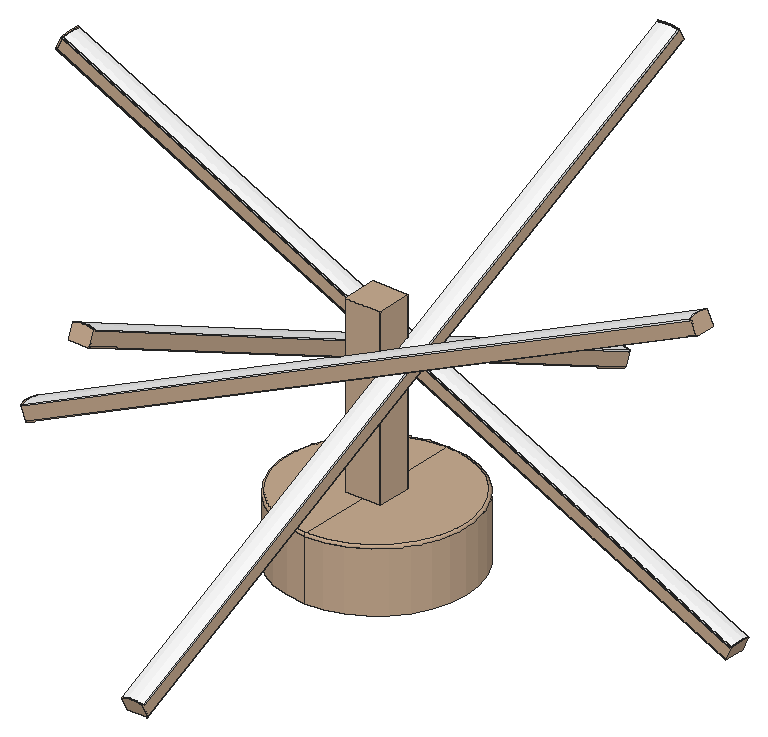
Revit family "AFX-Jaxx-Wall_Sconce+++", category Lighting Fixtures, host Face, Revit 2020
Family settings
  Host = Face
  Round Connector Dimension = Use Diameter
  Part Type = Normal
  Cut with Voids When Loaded = No
  Light Source = No
  Shared = No
  Room Calculation Point = No
Parameters (values of type "JAXF2020L30D1SB")
  Width = 5 31/256"
  Wattage Comments = "25W"  # constant formula
  Voltage = 120 V
  URL = "https://www.afxinc.com/"
  Type Comments = "JAXX"  # constant formula
  Type = Jaxx_beam : JAXF2020L30D1SB
  Screen Finish = AFX - Diffuser
  Revit Model Built By = "https://servex-us.com/servex-revit/"
  Product Documentation Link = "https://www.afxinc.com/products/productDetail.cfm?productID=1146"
  Model = "JAXF2020L30D1SB"
  Manufacturer = "AFX Inc"  # constant formula
  Length = 18"
  Lamp = "LED"
  Description = "15'' LED Semi-Flush, Satin Brass"
  Depth = 9 1/4"
  Default Elevation = 48"
  Color Rendering Index = 90
  Body Finish = AFX - Satin Brass
  Bar Dist = 13/16"
  Assembly Code = "D5020200"
  Apparent Load = 0 VA
Types (4): name | Type | Model | Description | Body Finish
  (no name) | Jaxx_beam : JAXF2020L30D1SB | "JAXF2020L30D1SB" | "15'' LED Semi-Flush, Satin Brass" | AFX - Satin Brass
  JAXF2020L30D1SB | Jaxx_beam : JAXF2020L30D1SB | "JAXF2020L30D1SB" | "15'' LED Semi-Flush, Satin Brass" | AFX - Satin Brass
  JAXF2020L30D1BK | Jaxx_beam : JAXF2020L30D1BK | "JAXF2020L30D1BK" | "15'' LED Semi-Flush, Black" | AFX - Powdercoat Black
  JAXF2020L30D1PC | Jaxx_beam : JAXF2020L30D1PC | "JAXF2020L30D1PC" | "15'' LED Semi-Flush, Polished Chrome" | AFX - Polished Chrome
Reference planes (in)
  plane 1 "Center (Front/Back)": y = 0
  plane 2: z = 0
  plane 3 "Center (Left/Right)": x = 0
  plane 4: y = 9.00394
  plane 5: y = -8.99606
  plane 6: x = -2.56055
  plane 7: x = 2.56055
  plane 8: z = 6.69291
  plane 9: z = 1.77165
Forms (in)
  Extrusion 1, solid, material "AFX - Satin Brass" <- "Body Finish"
    sketch origin (0, 2.24936, 1.77165) x (0, 1, 0) y (-1, 0, 0)
      loop
        arc (-2.72967, 0.5) -> (-2.74359, 0.49423) -> (-2.74936, 0.48031) r 0.01969
        line (-2.74936, 0.48031) -> (-2.74936, -0.48031)
        arc (-2.74936, -0.48031) -> (-2.74359, -0.49423) -> (-2.72967, -0.5) r 0.01969
        line (-2.72967, -0.5) -> (-1.76904, -0.5)
        arc (-1.76904, -0.5) -> (-1.75512, -0.49423) -> (-1.74936, -0.48031) r 0.01969
        line (-1.74936, -0.48031) -> (-1.74936, 0.48031)
        arc (-1.74936, 0.48031) -> (-1.75512, 0.49423) -> (-1.76904, 0.5) r 0.01969
        line (-1.76904, 0.5) -> (-2.72967, 0.5)
    from 0 to 4.92126
  Revolve 2, solid, material "AFX - Satin Brass" <- "Body Finish"
    sketch origin (0, 0, 0) x (0, 1, 0) y (0, 0, 1)
      loop
        line (0, 1.77165) -> (0, 0) -> (2.5625, 0) -> (2.5625, 1.70915)
        arc (2.5625, 1.70915) -> (2.54419, 1.75335) -> (2.5, 1.77165) r 0.0625
        line (2.5, 1.77165) -> (0, 1.77165)
      axis (0, 0) -> (0, 1.77165)
    angle from 0 to 360
Lines and regions (in)
  reference lines
    curve 1: line (-9.1298, 0, 0.75206) -> (10.10248, 0, 9.72022)
    curve 2: line (-9.6163, 0, 9.44202) -> (9.61598, 0, 0.47386)
    curve 3: line (0, 9.59841, 9.25728) -> (0, -9.63387, 0.28912)
    curve 4: line (0, -9.64243, 9.31116) -> (0, 9.58985, 0.343)
Dimensions and locks (in)
  plane 5 to plane 1 "Center (Front/Back)" to plane 4 = 8.99606", 9.00394"
  "Width": plane 6 to plane 7
  equal spacing: plane 6, plane 3 "Center (Left/Right)", plane 7
  "Length": plane 4 to plane 5
  locked: Revolve 2 sketch curve to plane 2 at 1.77165
  locked: Revolve 2 sketch curve to plane 1 "Center (Front/Back)" at 2.5625
  "Bar Dist": plane 1 "Center (Front/Back)" to nested 1
  "Bar Dist": nested 3 to plane 3 "Center (Left/Right)"
  "Bar Dist": plane 3 "Center (Left/Right)" to nested 2
  locked: plane 3 "Center (Left/Right)" to curve 2 at 9.6163
  locked: curve 1 to plane 3 "Center (Left/Right)" at 10.10248
  locked: curve 3 to plane 2 at 9.25728
  locked: curve 4 to plane 2 at 9.31116
  locked: curve 3 to plane 1 "Center (Front/Back)" at 9.59841
  locked: plane 1 "Center (Front/Back)" to curve 4 at 9.64243
  "Bar Dist": nested 4 to curve 2
  locked: curve 2 to plane 2 at 9.44202
  locked: curve 1 to plane 2 at 9.72022
  locked: curve 1 to plane 3 "Center (Left/Right)" (angle 65.00°)
  locked: plane 3 "Center (Left/Right)" to curve 2 (angle 65.00°)
  locked: curve 4 to plane 1 "Center (Front/Back)" (angle 65.00°)
  locked: plane 1 "Center (Front/Back)" to curve 3 (angle 65.00°)
  aligned and locked: plane 2 to host face
  aligned and locked: level to host face
  aligned and locked: Extrusion 1 to plane 9
  aligned and locked: plane 8 to Extrusion 1
  aligned and locked: Revolve 2 sketch curve to plane 1 "Center (Front/Back)"
  aligned and locked: plane 1 "Center (Front/Back)" to Revolve 2 sketch curve
  aligned and locked: curve 2 to nested 1
  aligned and locked: nested 4 to curve 1
Automatic sketch dimensions
  host sketch curve to host sketch curve = 16.60778"
  host sketch curve to host sketch curve = 21.7251"
  plane 1 "Center (Front/Back)" to Extrusion 1 sketch curve = 1/2"
  Extrusion 1 sketch curve to Extrusion 1 sketch curve = 0.01969"  (x3)
  Extrusion 1 sketch curve to plane 1 "Center (Front/Back)" = 0.48031"  (x2)
  plane 3 "Center (Left/Right)" to Extrusion 1 sketch curve = 1/2"
  Extrusion 1 sketch curve to plane 3 "Center (Left/Right)" = 0.48031"
  Revolve 2 sketch curve to level = 0"
  Revolve 2 sketch curve to plane 9 = 0"
  Revolve 2 sketch curve to Revolve 2 sketch curve = 1/16"
  plane 9 to Revolve 2 sketch curve = 3/4"
Nested families (in)
  nested 1: "Jaxx_beam" at (0.07873, 0.8125, 5.19699) x (-0.9063, 0, 0.4226) z (-0.4226, 0, -0.9063), type "JAXF2020L30D1BK"
  nested 2: "Jaxx_beam" at (0.8125, -0.09662, 5.19975) x (0, 0.9063, 0.4226) z (0, 0.4226, -0.9063), type "JAXF2020L30D1BK"
  nested 3: "Jaxx_beam" at (-0.8125, 0.05261, 5.19113) x (0, -0.9063, 0.4226) z (0, -0.4226, -0.9063), type "JAXF2020L30D1BK"
  nested 4: "Jaxx_beam" at (0.35392, -0.8125, 5.45023) x (-0.9063, 0, -0.4226) z (0.4226, 0, -0.9063), type "JAXF2020L30D1BK"
Connectors (in)
  electrical at (0, 0, 0), driven by "Voltage", driven by "Apparent Load"
    settings: on Revolve 2, index 1, voltage 120 V, apparent load 0 VA, apparent load phase1 0 VA, apparent load phase2 0 VA, apparent load phase3 0 VA, power factor 1, load classification "Lighting", number of poles 1, system type 31, power factor state 1, is connector primary yes, connector utility no, sub classification motor no, connector description ""
Definition of nested family "Jaxx_beam"
  Parameters (values of type "JAXF2020L30D1SB")
    Wattage = 9.2903 W
    built-in parameter 1150110 = 1 (stored number, unit not read)
    built-in parameter 1114217 = 1 (stored number, unit not read)
    Tilt Angle = 90.00°
    built-in parameter 1150109 = 1 (stored number, unit not read)
    built-in parameter 1150134 = 3
    built-in parameter 1150113 = 1 (stored number, unit not read)
    Revit Model Built By = "https://servex-us.com/servex-revit/"
    Photometric Web File = "JAXF2020L30D1SB.IES"
    built-in parameter 1150105 = 109.82 (stored number, unit not read)
    Lumens = 1380 lm
    built-in parameter 1150115 = 1 (stored number, unit not read)
    built-in parameter 1150137 = (empty or 0)
    built-in parameter 1150139 = (empty or 0)
    built-in parameter 1150112 = 1 (stored number, unit not read)
    built-in parameter 1150114 = 1 (stored number, unit not read)
    built-in parameter 1150132 = (empty or 0)
    built-in parameter 1150102 = (empty or 0)
    built-in parameter 1150107 = 3200 (stored number, unit not read)
    built-in parameter 1150138 = (empty or 0)
    built-in parameter 1150106 = 1.0982 (stored number, unit not read)
    Emit from Line Length = 24"
    built-in parameter 1150104 = 13.8 (stored number, unit not read)
    Dimming Lamp Color Temperature Shift = (empty or 0)
    Screen Finish = none
    Default Elevation = 48"
    Color Filter = 16777215
    Body Finish = none
    Bar Lenght = 21"
    built-in parameter 1114218 = 1 (stored number, unit not read)
    built-in parameter 1150133 = 10 (stored number, unit not read)
  Types (3): name | Photometric Web File | Bar Lenght
    JAXF2020L30D1BK | "JAXF2020L30D1BK.IES" | 20.94456"
    JAXF2020L30D1PC | "JAXF2020L30D1PC.IES" | 20.94456"
    JAXF2020L30D1SB | "JAXF2020L30D1SB.IES" | 21"
  Reference planes (in)
    plane 1 "Center (Front/Back)": y = 0
    plane 2: z = 0.25
    plane 3 "Center (Left/Right)": x = 0
    plane 4: z = -0.21555
    plane 5: z = -0.02965
    plane 6: x = -10.5
    plane 7: x = 10.5
    plane 8: x = -10.46875
    plane 9: x = 10.46875
  Forms (in)
    Extrusion 1, solid, material <- "Body Finish"
      sketch origin (0, 0, 0.25) x (0, 1, 0) y (0, 0, 1)
        loop
          line (0.29528, -0.39384) -> (0.29528, -0.03125)
          arc (0.29528, -0.03125) -> (0.28612, -0.00915) -> (0.26403, 0) r 0.03125
          line (0.26403, 0) -> (-0.26403, 0)
          arc (-0.26403, 0) -> (-0.28612, -0.00915) -> (-0.29528, -0.03125) r 0.03125
          line (-0.29528, -0.03125) -> (-0.29528, -0.39384) -> (-0.26403, -0.39384) -> (-0.26403, -0.03125) -> (0.26403, -0.03125) -> (0.26403, -0.39384) -> (0.29528, -0.39384)
      from -10.46875 to 10.46875
    Extrusion 2, solid, material <- "Screen Finish"
      sketch origin (0, 0, 0.125) x (0, 1, 0) y (0, 0, 1)
        loop
          arc (0.29528, -0.26884) -> (0, -0.31478) -> (-0.29528, -0.26884) r 0.97203
          line (-0.29528, -0.26884) -> (-0.29528, -0.30009)
          arc (-0.29528, -0.30009) -> (0, -0.34574) -> (0.29528, -0.30009) r 0.97796
          line (0.29528, -0.30009) -> (0.29528, -0.26884)
      from -10.46875 to 10.46875
    Extrusion 3, solid, material <- "Body Finish"
      sketch origin (0, 0, 0.25) x (0, 1, 0) y (0, 0, 1)
        loop
          arc (0.29528, -0.03125) -> (0.28612, -0.00915) -> (0.26403, 0) r 0.03125
          line (0.26403, 0) -> (-0.26403, 0)
          arc (-0.26403, 0) -> (-0.28612, -0.00915) -> (-0.29528, -0.03125) r 0.03125
          line (-0.29528, -0.03125) -> (-0.29528, -0.42509)
          arc (-0.29528, -0.42509) -> (0, -0.46555) -> (0.29528, -0.42509) r 1.09777
          line (0.29528, -0.42509) -> (0.29528, -0.03125)
      from -10.46875 to -10.5
    Extrusion 4, solid, material <- "Body Finish"
      sketch origin (0, 0, 0.25) x (0, 1, 0) y (0, 0, -1)
        loop
          line (0.29528, 0.03125) -> (0.29528, 0.42509)
          arc (0.29528, 0.42509) -> (0, 0.46555) -> (-0.29528, 0.42509) r 1.09777
          line (-0.29528, 0.42509) -> (-0.29528, 0.03125)
          arc (-0.29528, 0.03125) -> (-0.28612, 0.00915) -> (-0.26403, 0) r 0.03125
          line (-0.26403, 0) -> (0.26403, 0)
          arc (0.26403, 0) -> (0.28612, 0.00915) -> (0.29528, 0.03125) r 0.03125
      from -10.46875 to -10.5
  Cuts and joins
    joined: Extrusion 1, Extrusion 3, Extrusion 4
  Dimensions and locks (in)
    equal spacing: plane 7, plane 3 "Center (Left/Right)", plane 6
    "Bar Lenght": plane 7 to plane 6
    locked: plane 8 to plane 6 at 0.03125
    locked: plane 9 to plane 7 at 0.03125
    plane 4 to imposter light to plane 5 to plane 2 = 0.10778" locked, 5/64" locked, 0.27965" locked
    aligned and locked: plane 3 "Center (Left/Right)" to imposter light
    aligned and locked: plane 8 to Extrusion 3
    aligned and locked: Extrusion 3 to plane 6
    aligned and locked: Extrusion 1 to plane 8
    aligned and locked: Extrusion 2 to plane 8
    aligned and locked: Extrusion 2 to plane 9
    aligned and locked: Extrusion 1 to plane 9
    aligned and locked: plane 9 to Extrusion 4
    aligned and locked: Extrusion 4 to plane 7
  Automatic sketch dimensions
    level to Extrusion 1 sketch curve = 1/4"
    Extrusion 1 sketch curve to plane 4 = 0.07171"  (x2)
    plane 1 "Center (Front/Back)" to Extrusion 1 sketch curve = 0.29528"
    Extrusion 1 sketch curve to Extrusion 1 sketch curve = 1/32"  (x3)
    level to Extrusion 1 sketch curve = 7/32"
    Extrusion 1 sketch curve to plane 1 "Center (Front/Back)" = 0.26403"
    Extrusion 1 sketch curve to Extrusion 1 sketch curve = 0"
    Extrusion 2 sketch curve to plane 1 "Center (Front/Back)" = 0"  (x2)
    Extrusion 2 sketch curve to plane 4 = 0.04046"
    plane 1 "Center (Front/Back)" to Extrusion 2 sketch curve = 0.29528"
    Extrusion 2 sketch curve to plane 4 = 0.07171"
    Extrusion 2 sketch curve to plane 1 "Center (Front/Back)" = 0.29528"
    plane 2 to Extrusion 2 sketch curve = 0.50722"
    Extrusion 2 sketch curve to Extrusion 2 sketch curve = 0.02504"
    level to Extrusion 3 sketch curve = 1/4"
    Extrusion 3 sketch curve to plane 1 "Center (Front/Back)" = 0"
    plane 1 "Center (Front/Back)" to Extrusion 3 sketch curve = 0.26403"
    level to Extrusion 3 sketch curve = 7/32"  (x2)
    Extrusion 3 sketch curve to plane 1 "Center (Front/Back)" = 0.26403"
    Extrusion 3 sketch curve to plane 4 = 0.04046"
    plane 2 to Extrusion 3 sketch curve = 0.63222"
    level to Extrusion 4 sketch curve = 1/4"
    Extrusion 4 sketch curve to plane 1 "Center (Front/Back)" = 0"
    plane 1 "Center (Front/Back)" to Extrusion 4 sketch curve = 0.26403"
    level to Extrusion 4 sketch curve = 7/32"  (x2)
    Extrusion 4 sketch curve to plane 1 "Center (Front/Back)" = 0.26403"
    plane 2 to Extrusion 4 sketch curve = 0.63222"
    Extrusion 4 sketch curve to plane 4 = 0.04046"
